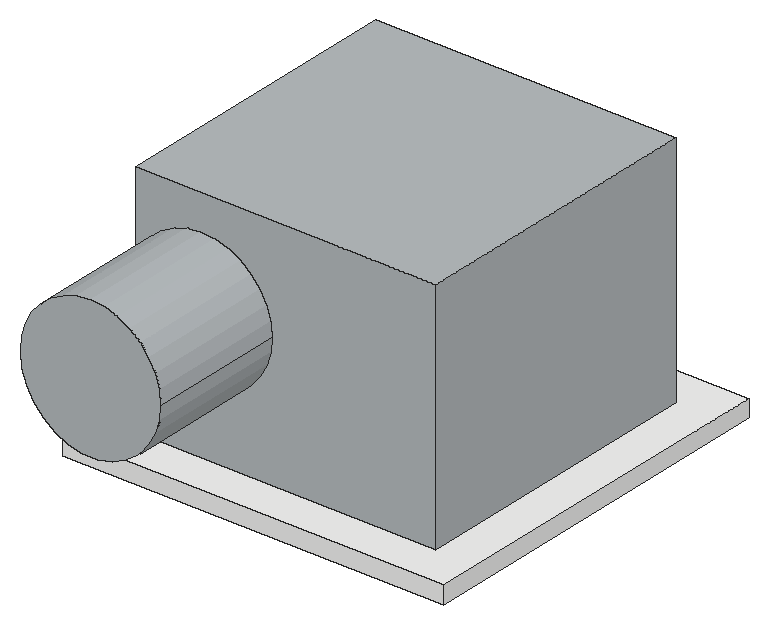
Revit family "vd-10_20z(b)(p)14_50Hz", category 機械設備, Revit 2019
Family settings
  丸型コネクタ寸法 = 直径を使用
  パーツ タイプ = 標準
  OmniClass 番号 = 23.75.35.17.27
  OmniClass タイトル = Centrifugal Fans
  作業面ベース = いいえ
  常に垂直 = はい
  ロード時にボイドで切り取り = いいえ
  共有 = いいえ
  部屋計算ポイント = はい
Parameters (values of type "VD-20ZB14")
  騒音レベル(dB(A)) [instance] = 36.5
  風量 [instance] = 420.0 m³/h
  電源種別 [instance] = ""
  電圧 = 100 V
  電動機出力 = 0 W
  電動機_種別 [instance] = ""
  運転質量 = 0.00 kg
  連動 [instance] = ""
  質量 = if(製品質量 > 運転質量, 製品質量, 運転質量) * 1.2  # 6.24 kg
  負荷分類 = 3_ファン類
  説明 = "ダクト用換気扇 低騒音形"
  設計風量 [instance] = 0.0 m³/h
  設置方法 = "天埋"
  記号 [instance] = ""
  製造元 = "三菱電機株式会社"
  製品質量 = 5.20 kg
  製品出荷対象 = "国内"
  製品リリース年月 = "2024年6月3日"
  製品グループ = ""
  系統 [instance] = ""
  符号 [instance] = if(☑給気／□排気, "FS", "FE")  # "FE"
  積算_科目 = "2 換気設備"
  積算_拾い区分 [instance] = ""
  相 = 1
  盤記号 [instance] = ""
  発停方法 [instance] = ""
  特殊仕様 [instance] = ""
  火災停止 [instance] = ""
  消費電力 = 44 W
  法定耐用年数 = "15"
  機外静圧 [instance] = 0.0 Pa
  極数 = 2
  材質 [instance] = ""
  操作・制御方式 = ""
  操作・制御スイッチ = ""
  排気量 [instance] = if(☑給気／□排気, 0.0 m³/h, 設計風量)  # 0.0 m³/h
  形式 = "天井埋込ダクト形"
  幹線記号 [instance] = ""
  対象室 [instance] = ""
  実風量 [instance] = 0.0 m³/h
  始動方式 [instance] = "直入"
  外気量 [instance] = if(☑給気／□排気, 設計風量, 0.0 m³/h)  # 0.0 m³/h
  呼称 = "天井扇"
  周波数 = 50 Hz
  参照している仕様書等のバージョン = ""
  分類コード = "50052503100030"
  分類グループ = ""
  価格 = 57900
  企業コード = "108420"
  付属品_防振装置 = ""
  付属品 [instance] = ""
  仕様書バージョン = "Version1.0"
  モデル = "VD-20ZB14"
  マテリアル = 鋼板
  ファンの種類 = ""
  ダクト径 = 150 mm
  コメント [instance] = ""
  Keynote = ""
  カバーマテリアル = 合成樹脂(白)
  ☑給気／□排気 [instance] = no
  Width = 307 mm
  W1 = 390 mm
  Version = ""
  Uniclass2015Version = "Systems v1.9"
  Uniclass2015Title = "Centrifugal fans"
  Uniclass2015Code = "Pr_65_67_29_12"
  URL = "https://www.mitsubishielectric.co.jp/ldg/wink/qr/002/333512/"
  SpecificationReference = ""
  SpecificationDescription = ""
  Revision = ""
  ProductInformation = ""
  OmniClassCode = "23-33 31 19 11 15"
  OAサイズ_D = 0 mm
  MIN風量 = 0.0 m³/h
  MIN静圧 = 0.0 Pa
  MID風量 = 0.0 m³/h
  MID静圧 = 0.0 Pa
  MAX風量 = 420.0 m³/h
  MAX静圧 = 0.0 Pa
  IfcTypeProduct = ""
  IfcProduct = ""
  IfcExportType = "PROPELLORAXIAL"
  IfcExportAs = "IfcFanType"
  Height = 243 mm
  H1 = 18 mm
  EAサイズ_D = 144 mm
  Duct_Height = 135 mm
  Duct_Depth = 142 mm
  Duct_Center = 86 mm
  Depth = 307 mm
  D1 = 390 mm
  Author = "三菱電機株式会社"
Types (6, lengths in mm): name | 騒音レベル(dB(A)) | 風量 | 質量 | 製品質量 | 消費電力 | 価格 | モデル | ダクト径 | Width | W1 | URL | MAX風量 | Height | H1 | EAサイズ_D | Duct_Height | Duct_Depth | Duct_Center | Depth | D1
  VD-10Z14 | 24.5 | 90.0 m³/h | 2.28 kg | 1.90 kg | 7.2 W | 23200 | "VD-10Z14" | 100 | 171 | 250 | "https://www.mitsubishielectric.co.jp/ldg/wink/qr/002/333551/" | 90.0 m³/h | 179 | 15 | 98 | 102 | 114 | 0 | 171 | 250
  VD-13Z14 | 28.5 | 125.0 m³/h | 2.64 kg | 2.20 kg | 13 W | 27100 | "VD-13Z14" | 100 | 195 | 286 | "https://www.mitsubishielectric.co.jp/ldg/wink/qr/002/333575/" | 125.0 m³/h | 189 | 15 | 98 | 102 | 114 | 56 | 195 | 286
  VD-15Z14 | 29.5 | 180.0 m³/h | 4.08 kg | 3.40 kg | 14 W | 28200 | "VD-15Z14" | 100 | 251 | 330 | "https://www.mitsubishielectric.co.jp/ldg/wink/qr/002/333600/" | 180.0 m³/h | 204 | 18 | 98 | 111 | 114 | 0 | 251 | 330
  VD-15ZP14 | 35 | 220.0 m³/h | 4.08 kg | 3.40 kg | 20 W | 32300 | "VD-15ZP14" | 100 | 251 | 330 | "https://www.mitsubishielectric.co.jp/ldg/wink/qr/002/333625/" | 220.0 m³/h | 204 | 18 | 98 | 111 | 114 | 0 | 251 | 330
  VD-18ZB14 | 30 | 320.0 m³/h | 6.00 kg | 5.00 kg | 26 W | 45800 | "VD-18ZB14" | 150 | 307 | 390 | "https://www.mitsubishielectric.co.jp/ldg/wink/qr/002/333644/" | 320.0 m³/h | 243 | 18 | 144 | 135 | 142 | 86 | 307 | 390
  VD-20ZB14 | 36.5 | 420.0 m³/h | 6.24 kg | 5.20 kg | 44 W | 57900 | "VD-20ZB14" | 150 | 307 | 390 | "https://www.mitsubishielectric.co.jp/ldg/wink/qr/002/333512/" | 420.0 m³/h | 243 | 18 | 144 | 135 | 142 | 86 | 307 | 390
Reference planes
  plane 1 "中心(正面/背面)": y = 0
  plane 2: z = 0
  plane 3 "中心(左/右)": x = 0
  plane 4: x = -195
  plane 5: x = 195
  plane 6: y = 195
  plane 7: y = -195
  plane 8: x = -153.5
  plane 9: x = 153.5
  plane 10: y = 153.5
  plane 11: y = -153.5
  plane 12: y = -295.5
  plane 13: z = 243
  plane 14: z = -18
  plane 15: z = 135
  plane 16: x = -86
Forms (mm)
  Extrusion 1, solid, material "鋼板" <- "マテリアル", detail levels fine
    sketch origin (0, 0, 0) x (1, 0, 0) y (0, 1, 0)
      loop
        line (-153.5, 153.5) -> (-153.5, -153.5) -> (153.5, -153.5) -> (153.5, 153.5) -> (-153.5, 153.5)
    from 0 to 243
  Extrusion 2, solid, material "合成樹脂(白)" <- "カバーマテリアル", detail levels fine
    sketch origin (0, 0, 0) x (1, 0, 0) y (0, 1, 0)
      loop
        line (-195, 195) -> (-195, -195) -> (195, -195) -> (195, 195) -> (-195, 195)
    from 0 to -18
  Extrusion 3, solid, material "鋼板" <- "マテリアル", detail levels fine
    sketch origin (0, 0, 0) x (1, 0, 0) y (0, 0, 1)
      loop
        circle (-86, 135) r 72
    from 153.5 to 295.5
Dimensions and locks
  equal spacing: plane 4, plane 3 "中心(左/右)", plane 5
  "W1": plane 4 to plane 5
  equal spacing: plane 6, plane 1 "中心(正面/背面)", plane 7
  "D1": plane 6 to plane 7
  equal spacing: plane 8, plane 3 "中心(左/右)", plane 9
  "Width": plane 8 to plane 9
  equal spacing: plane 10, plane 1 "中心(正面/背面)", plane 11
  "Depth": plane 10 to plane 11
  "Duct_Depth": plane 11 to plane 12
  "Height": plane 13 to plane 2
  "Duct_Height": plane 15 to plane 2
  "H1": plane 2 to plane 14
  "Duct_Center": plane 3 "中心(左/右)" to plane 16
  "EAサイズ_D": diameter of Extrusion 3 sketch curve
  aligned and locked: level to plane 2
  aligned and locked: plane 5 to Extrusion 2
  aligned and locked: plane 6 to Extrusion 2
  aligned and locked: Extrusion 2 to plane 4
  aligned and locked: Extrusion 2 to plane 7
  aligned and locked: plane 9 to Extrusion 1
  aligned and locked: Extrusion 1 to plane 11
  aligned and locked: Extrusion 1 to plane 8
  aligned and locked: plane 10 to Extrusion 1
  aligned and locked: plane 13 to Extrusion 1
  aligned and locked: Extrusion 2 to plane 14
  aligned and locked: level to Extrusion 2
  aligned and locked: Extrusion 1 to level
  aligned and locked: Extrusion 3 to plane 12
  aligned and locked: plane 11 to Extrusion 3
Automatic sketch dimensions
  Extrusion 1 sketch curve to plane 3 "中心(左/右)" = 153.5 mm
  plane 3 "中心(左/右)" to Extrusion 1 sketch curve = 153.5 mm
  Extrusion 2 sketch curve to plane 3 "中心(左/右)" = 195 mm
  plane 3 "中心(左/右)" to Extrusion 2 sketch curve = 195 mm
  plane 1 "中心(正面/背面)" to Extrusion 1 sketch curve = 153.5 mm
  Extrusion 1 sketch curve to plane 1 "中心(正面/背面)" = 153.5 mm
  plane 1 "中心(正面/背面)" to Extrusion 2 sketch curve = 195 mm
  Extrusion 2 sketch curve to plane 1 "中心(正面/背面)" = 195 mm
  Extrusion 3 sketch curve to plane 15 = 0 mm
  Extrusion 3 sketch curve to plane 16 = 0 mm
Nested families
  nested 1: "記号_天井換気扇_平面" at (0, 0, 0), type "記号_天井換気扇_平面", detail levels coarse+medium
Connectors
  hvac at (-86, -295.5, 135), driven by "ダクト径", driven by "風量", driven by "機外静圧"
    settings: on Extrusion 3, index 1, duct flow 420.0 m³/h, flow factor 0, pres drop 0.0 Pa, loss coef 0, conn angle 0.00°, conn width 304.8 mm, conn height 304.8 mm, conn diameter 150 mm, duct sys type 3, conn prof type 0, flow config 0, flow direction 2, loss method 4, conn ref index -1, conn util no, is conn primary yes, conn desc ""
  electrical at (0, 0, 243), driven by "極数", driven by "負荷分類", driven by "電圧", driven by "消費電力"
    settings: on Extrusion 1, index 2, voltage 100 V, apparent load 44 VA, apparent load phase1 0 VA, apparent load phase2 0 VA, apparent load phase3 0 VA, power factor 1, load classification "3_ファン類", number of poles 2, system type 30, power factor state 1, is connector primary yes, connector utility no, sub classification motor no, connector description ""
Definition of nested family "記号_天井換気扇_平面"
  Reference planes
    plane 1: y = 0
    plane 2: x = 0
  Lines and regions (mm)
    detail lines
      curve 1: line (-2.5, 2.5, 0) -> (2.5, 2.5, 0)
      curve 2: line (-2.5, -2.5, 0) -> (-2.5, 2.5, 0)
      curve 3: line (2.5, -2.5, 0) -> (-2.5, -2.5, 0)
      curve 4: line (2.5, 2.5, 0) -> (2.5, -2.5, 0)
      curve 5: circle (-1.04, -1.04, 0) r 1.46 normal (0, 0, 1)
      curve 6: circle (1.04, 1.04, 0) r 1.46 normal (0, 0, 1)
      curve 7: line (-3.125, 3.125, 0) -> (3.125, 3.125, 0)
      curve 8: line (-3.125, -3.125, 0) -> (-3.125, 3.125, 0)
      curve 9: line (3.125, -3.125, 0) -> (-3.125, -3.125, 0)
      curve 10: line (3.125, 3.125, 0) -> (3.125, -3.125, 0)
      curve 11: circle (1.295, 1.295, 0) r 1.83 normal (0, 0, 1)
      curve 12: circle (-1.295, -1.295, 0) r 1.83 normal (0, 0, 1)
      curve 13: line (-2, 2, 0) -> (2, 2, 0)
      curve 14: line (-2, -2, 0) -> (-2, 2, 0)
      curve 15: line (2, -2, 0) -> (-2, -2, 0)
      curve 16: line (2, 2, 0) -> (2, -2, 0)
      curve 17: circle (0.84, 0.84, 0) r 1.16 normal (0, 0, 1)
      curve 18: circle (-0.84, -0.84, 0) r 1.2 normal (0, 0, 1)
